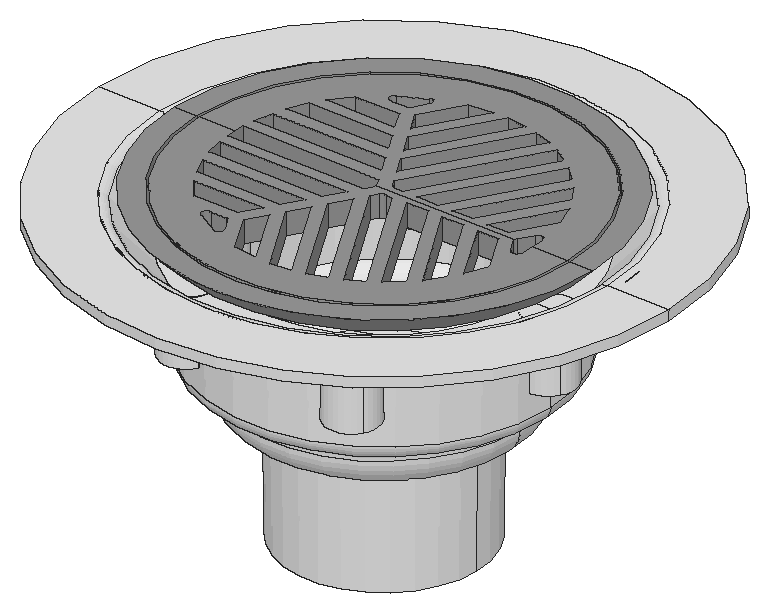
Revit family "3100.194 Deck Drain Bottom Exit 100x80", category Plumbing Fixtures, Revit 2020
Family settings
  Round Connector Dimension = Use Diameter
  Part Type = Normal
  Work Plane-Based = No
  Always vertical = Yes
  Cut with Voids When Loaded = No
  Shared = No
  Room Calculation Point = No
Parameters (values of type "3100.194 100X80")
  Waste Connection = yes
  Vent Connection = no
  URL = "www.aquaknight.co.nz"
  Phone = "+6498322214"  # constant formula
  Model = "3100.194"
  Manufacturer = "Aquanight Industries Ltd"  # constant formula
  HW Connection = no
  Email = "info@aquaknight.co.nz"  # constant formula
  Description = "Deck Drain Bottom Exit 100mm Inlet w 80mm Outlet Big Flange"
  Default Elevation = 0 mm
  CW Connection = no
Reference planes
  plane 1 "Center (Front/Back)": y = 0
  plane 2: z = 0
  plane 3 "Center (Left/Right)": x = 0
  plane 4: z = -94.136
Forms (mm)
  Revolve 1, solid, material "PVC-Piping"
    sketch origin (-2.137, 0, 1.044) x (1, 0, 0) y (0, 0, 1)
      loop
        line (-87.727, -5.044) -> (-75.98, -17.642) -> (-75.98, -20.801)
        arc (-75.98, -20.801) -> (-74.992, -23.186) -> (-72.607, -24.174) r 3.373
        line (-72.607, -24.174) -> (-65.619, -24.174) -> (-65.137, -53.24)
        arc (-65.137, -53.24) -> (-63.332, -57.433) -> (-59.099, -59.143) r 6.002
        arc (-59.099, -59.143) -> (-54.852, -60.869) -> (-53.063, -65.091) r 6
        arc (-53.063, -65.091) -> (-49.875, -73.132) -> (-42.109, -76.94) r 12
        line (-42.109, -76.94) -> (-37.797, -77.318)
        arc (-37.797, -77.318) -> (-36.503, -77.952) -> (-35.972, -79.292) r 2
        line (-35.972, -79.292) -> (-35.586, -122.476) -> (-31.586, -122.476) -> (-31.972, -79.257)
        arc (-31.972, -79.257) -> (-33.566, -75.237) -> (-37.449, -73.333) r 6
        line (-37.449, -73.333) -> (-41.761, -72.956)
        arc (-41.761, -72.956) -> (-46.938, -70.417) -> (-49.063, -65.056) r 8
        arc (-49.063, -65.056) -> (-51.095, -59.101) -> (-56.281, -55.538) r 10
        line (-56.281, -55.538) -> (-56.613, -17.544) -> (-70.602, -17.544) -> (-84.53, -2.608)
        arc (-84.53, -2.608) -> (-86.165, -1.452) -> (-88.127, -1.044) r 4.918
        line (-88.127, -1.044) -> (-112.863, -1.044) -> (-112.863, -5.044) -> (-87.727, -5.044)
      axis (2.137, -1.044) -> (2.137, -122.476)
    angle from 0 to 360
  Revolve 2, solid, material "Steel, Chrome Plated"
    sketch origin (0, 0, 1.044) x (1, 0, 0) y (0, 0, 1)
      loop
        line (-75.621, -6.423) -> (0, -6.423) -> (0, 2.356) -> (-74.314, 2.356) -> (-75.328, -2.363) -> (-75.328, 2.356) -> (-84.4, 2.356) -> (-75.621, -6.423)
      axis (0, 2.356) -> (0, -6.423)
    angle from 0 to 360
  Extrusion 3, solid, material "PVC-Piping", detail levels fine
    sketch origin (-6.563, -11.367, 4) x (0.866025, -0.5, 0) y (0.5, 0.866025, 0)
      loop
        circle (0, -53.504) r 10
      loop
        circle (0, 79.754) r 10
      loop
        circle (-57.702, -20.189) r 10
      loop
        circle (57.702, 46.439) r 10
      loop
        circle (-57.702, 46.439) r 10
      loop
        circle (57.702, -20.189) r 10
    from -46.5 to -20.5
  Extrusion 4, void
    sketch origin (0, 0, 0) x (0, 1, 0) y (-1, 0, 0)
      loop
        line (43.05, 22.084) -> (35.55, 17.754) -> (59.886, 3.703)
        arc (59.886, 3.703) -> (59.402, 8.447) -> (58.544, 13.138) r 60
        line (58.544, 13.138) -> (43.05, 22.084)
      loop
        line (30.75, 14.982) -> (23.25, 10.652) -> (59.148, -10.074)
        arc (59.148, -10.074) -> (59.7, -5.995) -> (59.97, -1.888) r 60
        line (59.97, -1.888) -> (30.75, 14.982)
      loop
        line (18.45, 7.881) -> (10.95, 3.551) -> (55.706, -22.289)
        arc (55.706, -22.289) -> (57.016, -18.686) -> (58.093, -15.007) r 60
        line (58.093, -15.007) -> (18.45, 7.881)
      loop
        line (6.15, 0.779) -> (3.396, -0.81)
        spline (3.396, -0.81) -> (3.249, -0.904) -> (3.112, -1.01) -> (2.983, -1.127) -> (2.866, -1.255) -> (2.76, -1.393) -> (2.667, -1.54) -> (2.587, -1.694) -> (2.52, -1.854) -> (2.468, -2.02) -> (2.43, -2.19) -> (2.408, -2.362) -> (2.4, -2.536)
        line (2.4, -2.536) -> (2.4, -5.716) -> (49.985, -33.189)
        arc (49.985, -33.189) -> (51.962, -30) -> (53.735, -26.694) r 60
        line (53.735, -26.694) -> (6.15, 0.779)
      loop
        line (47.156, -37.098) -> (2.4, -11.258) -> (2.4, -19.919) -> (42.043, -42.806)
        arc (42.043, -42.806) -> (44.691, -40.034) -> (47.156, -37.098) r 60
      loop
        line (38.298, -46.187) -> (2.4, -25.461) -> (2.4, -34.121) -> (31.62, -50.992)
        arc (31.62, -50.992) -> (35.042, -48.704) -> (38.298, -46.187) r 60
      loop
        line (26.736, -53.714) -> (2.4, -39.664) -> (2.4, -48.324) -> (17.894, -57.27)
        arc (17.894, -57.27) -> (22.385, -55.668) -> (26.736, -53.714) r 60
      loop
        line (45.45, 33.354) -> (45.45, 27.391)
        spline (45.45, 27.391) -> (45.458, 27.217) -> (45.48, 27.045) -> (45.518, 26.875) -> (45.57, 26.709) -> (45.637, 26.549) -> (45.717, 26.395) -> (45.81, 26.248) -> (45.916, 26.11) -> (46.033, 25.982) -> (46.162, 25.865) -> (46.299, 25.759) -> (46.446, 25.665)
        line (46.446, 25.665) -> (51.611, 22.684)
        arc (51.611, 22.684) -> (53.96, 22.94) -> (54.425, 25.258) r 2
        arc (54.425, 25.258) -> (51.962, 30) -> (49.086, 34.504) r 60
        arc (49.086, 34.504) -> (46.847, 35.261) -> (45.45, 33.354) r 2
      loop
        line (-43.05, 22.084) -> (-58.544, 13.138)
        arc (-58.544, 13.138) -> (-59.402, 8.447) -> (-59.886, 3.703) r 60
        line (-59.886, 3.703) -> (-35.55, 17.754) -> (-43.05, 22.084)
      loop
        line (-30.75, 14.982) -> (-59.97, -1.888)
        arc (-59.97, -1.888) -> (-59.7, -5.995) -> (-59.148, -10.074) r 60
        line (-59.148, -10.074) -> (-23.25, 10.652) -> (-30.75, 14.982)
      loop
        line (-18.45, 7.881) -> (-58.093, -15.007)
        arc (-58.093, -15.007) -> (-57.016, -18.686) -> (-55.706, -22.289) r 60
        line (-55.706, -22.289) -> (-10.95, 3.551) -> (-18.45, 7.881)
      loop
        line (-6.15, 0.779) -> (-53.735, -26.694)
        arc (-53.735, -26.694) -> (-51.962, -30) -> (-49.985, -33.189) r 60
        line (-49.985, -33.189) -> (-2.4, -5.716) -> (-2.4, -2.536)
        spline (-2.4, -2.536) -> (-2.408, -2.362) -> (-2.43, -2.19) -> (-2.468, -2.02) -> (-2.52, -1.854) -> (-2.587, -1.694) -> (-2.667, -1.54) -> (-2.76, -1.393) -> (-2.866, -1.255) -> (-2.983, -1.127) -> (-3.112, -1.01) -> (-3.249, -0.904) -> (-3.396, -0.81)
        line (-3.396, -0.81) -> (-6.15, 0.779)
      loop
        arc (-47.156, -37.098) -> (-44.691, -40.034) -> (-42.043, -42.806) r 60
        line (-42.043, -42.806) -> (-2.4, -19.919) -> (-2.4, -11.258) -> (-47.156, -37.098)
      loop
        arc (-38.298, -46.187) -> (-35.042, -48.704) -> (-31.62, -50.992) r 60
        line (-31.62, -50.992) -> (-2.4, -34.121) -> (-2.4, -25.461) -> (-38.298, -46.187)
      loop
        arc (-26.736, -53.714) -> (-22.385, -55.668) -> (-17.894, -57.27) r 60
        line (-17.894, -57.27) -> (-2.4, -48.324) -> (-2.4, -39.664) -> (-26.736, -53.714)
      loop
        line (40.65, 26.241) -> (40.65, 44.131)
        arc (40.65, 44.131) -> (37.017, 47.22) -> (33.15, 50.011) r 60
        line (33.15, 50.011) -> (33.15, 21.91) -> (40.65, 26.241)
      loop
        line (28.35, 19.139) -> (28.35, 52.88)
        arc (28.35, 52.88) -> (24.658, 54.699) -> (20.85, 56.261) r 60
        line (20.85, 56.261) -> (20.85, 14.809) -> (28.35, 19.139)
      loop
        line (16.05, 12.038) -> (16.05, 57.813)
        arc (16.05, 57.813) -> (12.325, 58.72) -> (8.55, 59.388) r 60
        line (8.55, 59.388) -> (8.55, 7.708) -> (16.05, 12.038)
      loop
        line (3.75, 4.936) -> (3.75, 59.883)
        arc (3.75, 59.883) -> (0, 60) -> (-3.75, 59.883) r 60
        line (-3.75, 59.883) -> (-3.75, 4.936) -> (-0.996, 3.346)
        spline (-0.996, 3.346) -> (-0.842, 3.266) -> (-0.681, 3.2) -> (-0.516, 3.147) -> (-0.346, 3.11) -> (-0.174, 3.087) -> (0, 3.079) -> (0.174, 3.087) -> (0.346, 3.11) -> (0.516, 3.147) -> (0.681, 3.2) -> (0.842, 3.266) -> (0.996, 3.346)
        line (0.996, 3.346) -> (3.75, 4.936)
      loop
        arc (-8.55, 59.388) -> (-12.325, 58.72) -> (-16.05, 57.813) r 60
        line (-16.05, 57.813) -> (-16.05, 12.038) -> (-8.55, 7.708) -> (-8.55, 59.388)
      loop
        arc (-20.85, 56.261) -> (-24.658, 54.699) -> (-28.35, 52.88) r 60
        line (-28.35, 52.88) -> (-28.35, 19.139) -> (-20.85, 14.809) -> (-20.85, 56.261)
      loop
        arc (-33.15, 50.011) -> (-37.017, 47.22) -> (-40.65, 44.131) r 60
        line (-40.65, 44.131) -> (-40.65, 26.241) -> (-33.15, 21.91) -> (-33.15, 50.011)
      loop
        line (-51.611, 22.684) -> (-46.446, 25.665)
        spline (-46.446, 25.665) -> (-46.299, 25.759) -> (-46.162, 25.865) -> (-46.033, 25.982) -> (-45.916, 26.11) -> (-45.81, 26.248) -> (-45.717, 26.395) -> (-45.637, 26.549) -> (-45.57, 26.709) -> (-45.518, 26.875) -> (-45.48, 27.045) -> (-45.458, 27.217) -> (-45.45, 27.391)
        line (-45.45, 27.391) -> (-45.45, 33.354)
        arc (-45.45, 33.354) -> (-46.847, 35.261) -> (-49.086, 34.504) r 2
        arc (-49.086, 34.504) -> (-51.962, 30) -> (-54.425, 25.258) r 60
        arc (-54.425, 25.258) -> (-53.96, 22.94) -> (-51.611, 22.684) r 2
      loop
        line (6.161, -56.038) -> (0.996, -53.056)
        spline (0.996, -53.056) -> (0.842, -52.976) -> (0.681, -52.909) -> (0.516, -52.857) -> (0.346, -52.819) -> (0.174, -52.797) -> (0, -52.789) -> (-0.174, -52.797) -> (-0.346, -52.819) -> (-0.516, -52.857) -> (-0.681, -52.909) -> (-0.842, -52.976) -> (-0.996, -53.056)
        line (-0.996, -53.056) -> (-6.161, -56.038)
        arc (-6.161, -56.038) -> (-7.114, -58.201) -> (-5.338, -59.762) r 2
        arc (-5.338, -59.762) -> (0, -60) -> (5.338, -59.762) r 60
        arc (5.338, -59.762) -> (7.114, -58.201) -> (6.161, -56.038) r 2
    from -10.558 to 12.361
Cuts and joins
  Extrusion 4 cuts Revolve 2
Lines and regions (mm)
  Masking region 1
    outline origin (0, 0, 0) x (0, 1, 0) y (-1, 0, 0)
      loop
        circle (0, 0) r 115
  symbolic lines, detail levels fine
    curve 1: circle (-53.5, 92.665, 0) r 4.5 normal (0, 0, 1)
    curve 2: circle (53.5, 92.665, 0) r 4.5 normal (0, 0, 1)
    curve 3: circle (107, 0, 0) r 4.5 normal (0, 0, 1)
    curve 4: circle (53.5, -92.665, 0) r 4.5 normal (0, 0, 1)
    curve 5: circle (-53.5, -92.665, 0) r 4.5 normal (0, 0, 1)
    curve 6: circle (-107, 0, 0) r 4.5 normal (0, 0, 1)
  model lines, detail levels fine
    curve 7: circle (-107, 0, 0) r 4.5 normal (0, 0, 1)
    curve 8: circle (-53.5, -92.665, 0) r 4.5 normal (0, 0, 1)
    curve 9: circle (53.5, -92.665, 0) r 4.5 normal (0, 0, 1)
    curve 10: circle (107, 0, 0) r 4.5 normal (0, 0, 1)
    curve 11: circle (53.5, 92.665, 0) r 4.5 normal (0, 0, 1)
    curve 12: circle (-53.5, 92.665, 0) r 4.5 normal (0, 0, 1)
  symbolic lines, detail levels medium+fine
    curve 13: circle (0, 0, 0) r 84.4 normal (0, 0, 1)
    curve 14: circle (0, 0, 0) r 75.621 normal (0, 0, 1)
    curve 15: circle (0, 0, 0) r 60 normal (0, 0, 1)
Dimensions and locks
  locked: level to plane 4 at 94.136
  locked: connector elem to plane 3 "Center (Left/Right)"
  locked: connector elem to plane 1 "Center (Front/Back)"
  aligned and locked: level to plane 2
Automatic sketch dimensions
  Revolve 2 sketch curve to plane 3 "Center (Left/Right)" = 0 mm  (x2)
  level to Revolve 2 sketch curve = 3.4 mm  (x2)
  Revolve 2 sketch curve to plane 3 "Center (Left/Right)" = 74.314 mm
  Revolve 2 sketch curve to Revolve 2 sketch curve = 1.014 mm
  Revolve 2 sketch curve to Revolve 2 sketch curve = 0.294 mm
  Revolve 2 sketch curve to Revolve 2 sketch curve = 9.072 mm
  Revolve 2 sketch curve to level = 1.319 mm
  Revolve 2 sketch curve to Revolve 2 sketch curve = 4.06 mm
  Revolve 2 sketch curve to Revolve 2 sketch curve = 11.104 mm
  Revolve 2 sketch curve to Revolve 2 sketch curve = 11.042 mm
  plane 1 "Center (Front/Back)" to Extrusion 3 sketch curve = 0 mm  (x2)
  Extrusion 3 sketch curve to Extrusion 3 sketch curve = 33.314 mm  (x3)
  Extrusion 3 sketch curve to plane 3 "Center (Left/Right)" = 66.629 mm
  Extrusion 3 sketch curve to Extrusion 3 sketch curve = 0 mm
  Extrusion 3 sketch curve to Extrusion 3 sketch curve = 57.702 mm  (x4)
  Extrusion 3 sketch curve to Extrusion 3 sketch curve = 66.629 mm
  Extrusion 4 sketch curve to Revolve 1 = 0 mm  (x2)
  Revolve 1 to Extrusion 4 sketch curve = 0.996 mm  (x2)
  Revolve 1 to Extrusion 4 sketch curve = 2.4 mm  (x4)
  Extrusion 4 sketch curve to Extrusion 4 sketch curve = 0.996 mm  (x4)
  Revolve 1 to Extrusion 4 sketch curve = 3.75 mm
  Revolve 1 to Extrusion 4 sketch curve = 5.161 mm
  Extrusion 4 sketch curve to Extrusion 4 sketch curve = 2.754 mm  (x2)
  Extrusion 4 sketch curve to Extrusion 4 sketch curve = 1 mm  (x4)
  Extrusion 4 sketch curve to Extrusion 4 sketch curve = 4.8 mm  (x8)
  Extrusion 4 sketch curve to Extrusion 4 sketch curve = 2.4 mm  (x12)
  Extrusion 4 sketch curve to Extrusion 4 sketch curve = 7.5 mm  (x6)
  Extrusion 4 sketch curve to Extrusion 4 sketch curve = 11.733 mm  (x2)
  Extrusion 4 sketch curve to Extrusion 4 sketch curve = 8.842 mm  (x2)
  Extrusion 4 sketch curve to Extrusion 4 sketch curve = 4.885 mm  (x2)
  Extrusion 4 sketch curve to Extrusion 4 sketch curve = 6.678 mm  (x2)
  Extrusion 4 sketch curve to Extrusion 4 sketch curve = 3.745 mm  (x2)
  Extrusion 4 sketch curve to Extrusion 4 sketch curve = 5.113 mm  (x2)
  Extrusion 4 sketch curve to Extrusion 4 sketch curve = 2 mm  (x2)
  Extrusion 4 sketch curve to Extrusion 4 sketch curve = 2.829 mm  (x2)
  Extrusion 4 sketch curve to Extrusion 4 sketch curve = 5.164 mm  (x2)
  Extrusion 4 sketch curve to Extrusion 4 sketch curve = 3.75 mm  (x2)
  Extrusion 4 sketch curve to Extrusion 4 sketch curve = 1.971 mm  (x2)
  Extrusion 4 sketch curve to Extrusion 4 sketch curve = 2.387 mm  (x2)
  Extrusion 4 sketch curve to Extrusion 4 sketch curve = 6.933 mm  (x2)
  Extrusion 4 sketch curve to Extrusion 4 sketch curve = 1.055 mm  (x2)
  Extrusion 4 sketch curve to Extrusion 4 sketch curve = 1.342 mm  (x2)
  Extrusion 4 sketch curve to Extrusion 4 sketch curve = 0.085 mm  (x2)
  Extrusion 4 sketch curve to Revolve 1 = 0.996 mm  (x2)
  Extrusion 4 sketch curve to Revolve 1 = 2.4 mm  (x4)
  Extrusion 4 sketch curve to Revolve 1 = 3.75 mm
  Extrusion 4 sketch curve to Revolve 1 = 5.161 mm
  Extrusion 4 sketch curve to Extrusion 4 sketch curve = 0.5 mm
  Extrusion 4 sketch curve to Extrusion 4 sketch curve = 0 mm  (x8)
  Extrusion 4 sketch curve to Extrusion 4 sketch curve = 1.732 mm  (x4)
  Extrusion 4 sketch curve to Extrusion 4 sketch curve = 2.982 mm
  Extrusion 4 sketch curve to Extrusion 4 sketch curve = 4.732 mm
  Extrusion 4 sketch curve to Extrusion 4 sketch curve = 8.66 mm  (x3)
  Extrusion 4 sketch curve to Extrusion 4 sketch curve = 5.543 mm  (x3)
  Extrusion 4 sketch curve to Extrusion 4 sketch curve = 3.18 mm  (x2)
  Extrusion 4 sketch curve to Extrusion 4 sketch curve = 1.725 mm  (x4)
  Extrusion 4 sketch curve to Extrusion 4 sketch curve = 1.59 mm  (x4)
  Extrusion 4 sketch curve to Extrusion 4 sketch curve = 3.346 mm
  Extrusion 4 sketch curve to Extrusion 4 sketch curve = 2.771 mm  (x6)
  Extrusion 4 sketch curve to Extrusion 4 sketch curve = 4.157 mm  (x12)
  Extrusion 4 sketch curve to Extrusion 4 sketch curve = 4.33 mm  (x6)
  Extrusion 4 sketch curve to Extrusion 4 sketch curve = 0.6 mm  (x2)
  Extrusion 4 sketch curve to Extrusion 4 sketch curve = 3.582 mm  (x2)
  Extrusion 4 sketch curve to Extrusion 4 sketch curve = 5.963 mm  (x2)
  Extrusion 4 sketch curve to Extrusion 4 sketch curve = 0.729 mm  (x2)
  Extrusion 4 sketch curve to Extrusion 4 sketch curve = 2.008 mm  (x3)
  Extrusion 4 sketch curve to Extrusion 4 sketch curve = 0.267 mm  (x4)
  Extrusion 4 sketch curve to Extrusion 4 sketch curve = 1.011 mm
  Extrusion 4 sketch curve to Extrusion 4 sketch curve = 1.743 mm  (x2)
  curve 1 to curve 12 = 0 mm  (x2)
  curve 2 to curve 11 = 0 mm  (x2)
  curve 3 to curve 10 = 0 mm  (x2)
  curve 4 to curve 9 = 0 mm  (x2)
  curve 5 to curve 8 = 0 mm  (x2)
  curve 6 to curve 7 = 0 mm  (x2)
  curve 6 to Revolve 1 = 0 mm
  Revolve 1 to curve 3 = 0 mm
  Revolve 1 to curve 9 = 92.665 mm
  Revolve 1 to curve 5 = 92.665 mm
  curve 11 to Revolve 1 = 92.665 mm
  curve 1 to Revolve 1 = 92.665 mm
  curve 11 to curve 13 = 53.5 mm
  curve 9 to curve 13 = 53.5 mm
  curve 10 to curve 2 = 53.5 mm
  curve 13 to curve 5 = 53.5 mm
  curve 13 to curve 12 = 53.5 mm
  curve 5 to curve 6 = 53.5 mm
  Revolve 1 sketch curve to Revolve 1 sketch curve = 0 mm  (x7)
  Revolve 1 sketch curve to level = 0 mm
  Revolve 1 sketch curve to plane 3 "Center (Left/Right)" = 0 mm
  Revolve 1 sketch curve to level = 16.5 mm
  Revolve 1 sketch curve to Revolve 1 sketch curve = 0.332 mm
  Revolve 1 sketch curve to Revolve 1 sketch curve = 2.781 mm
  Revolve 1 sketch curve to Revolve 1 sketch curve = 2.854 mm
  Revolve 1 sketch curve to Revolve 1 sketch curve = 6.002 mm
  Revolve 1 sketch curve to level = 23.13 mm
  Revolve 1 sketch curve to Revolve 1 sketch curve = 9.006 mm
  Revolve 1 sketch curve to Revolve 1 sketch curve = 4.983 mm
  Revolve 1 sketch curve to Revolve 1 sketch curve = 2.005 mm
  Revolve 1 sketch curve to Revolve 1 sketch curve = 3.373 mm
  Revolve 1 sketch curve to level = 1.564 mm
  Revolve 1 sketch curve to Revolve 1 sketch curve = 8.55 mm
  Revolve 1 sketch curve to level = 4 mm
  Revolve 1 sketch curve to Revolve 1 sketch curve = 3.198 mm
  Revolve 1 sketch curve to Revolve 1 sketch curve = 3.597 mm
  Revolve 1 sketch curve to Revolve 1 sketch curve = 24.736 mm
  Revolve 1 sketch curve to Revolve 1 sketch curve = 9.605 mm
  Revolve 1 sketch curve to Revolve 1 sketch curve = 2.297 mm
  Revolve 1 sketch curve to Revolve 1 sketch curve = 3.159 mm
  level to Revolve 1 sketch curve = 2.639 mm
  Revolve 1 sketch curve to Revolve 1 sketch curve = 35 mm
  Revolve 1 sketch curve to plane 3 "Center (Left/Right)" = 43.2 mm
  Revolve 1 sketch curve to Revolve 1 sketch curve = 15.218 mm
  Revolve 1 sketch curve to Revolve 1 sketch curve = 9.448 mm
  Revolve 1 sketch curve to Revolve 1 sketch curve = 0.697 mm
  Revolve 1 sketch curve to Revolve 1 sketch curve = 0.349 mm
  Revolve 1 sketch curve to Revolve 1 sketch curve = 4 mm  (x3)
  Revolve 1 sketch curve to plane 4 = 27.296 mm
  plane 4 to Revolve 1 sketch curve = 15.888 mm
  Revolve 1 sketch curve to Revolve 1 sketch curve = 6.138 mm
  plane 4 to Revolve 1 sketch curve = 15.924 mm
  Revolve 1 sketch curve to plane 3 "Center (Left/Right)" = 33.723 mm
  Revolve 1 sketch curve to Revolve 1 sketch curve = 2 mm
  Revolve 1 sketch curve to Revolve 1 sketch curve = 0.018 mm
  Revolve 1 sketch curve to Revolve 1 sketch curve = 4.312 mm
  plane 4 to Revolve 1 sketch curve = 18.24 mm
  plane 4 to Revolve 1 sketch curve = 17.863 mm
  plane 4 to Revolve 1 sketch curve = 22.225 mm
  Revolve 1 sketch curve to Revolve 1 sketch curve = 0.174 mm
  Revolve 1 sketch curve to Revolve 1 sketch curve = 7.812 mm
  radius of Extrusion 3 sketch curve = 10 mm  (x6)
  radius of Extrusion 4 sketch curve to Revolve 1 = 30.264 mm  (x24)
  radius of Masking region 1 sketch curve to Revolve 1 = 0 mm
  radius of curve 13 to Revolve 1 = 5.864 mm
  radius of curve 14 to Revolve 1 = 14.642 mm
  radius of curve 15 to Revolve 1 = 30.264 mm
  radius of curve 1 = 4.5 mm
  radius of curve 2 = 4.5 mm
  radius of curve 3 = 4.5 mm
  radius of curve 4 = 4.5 mm
  radius of curve 5 = 4.5 mm
  radius of curve 6 = 4.5 mm
  radius of curve 7 = 4.5 mm
  radius of curve 8 = 4.5 mm
  radius of curve 9 = 4.5 mm
  radius of curve 10 = 4.5 mm
  radius of curve 11 = 4.5 mm
  radius of curve 12 = 4.5 mm
Connectors
  piping at (0, 0, -94.136), diameter 80
    settings: on plane 4, index 1, connector inside diameter 609.6 mm, connector length 0 mm, flow factor 0, pipe flow 0.0 L/s, pressure drop 0.0 Pa, fitting loss kfactor 0, connector angle 0.00°, fixture units 0, engagement length 0 mm, angle of deflection 0.00°, flow configuration 0, flow direction 0, fitting loss method 0, system type 28, joint type 0, gender type 0, connector reference index -1, connector utility 0, adjustable connector no, is connector primary yes, connector description ""
